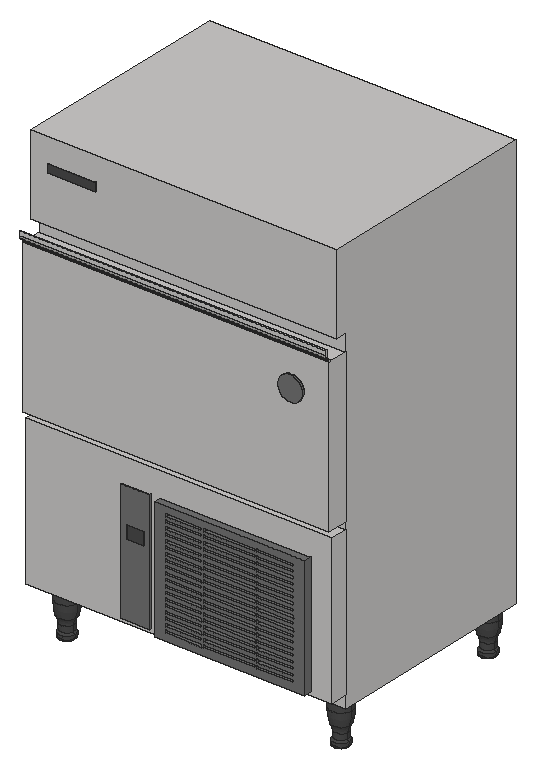
Revit family "QF_MACOM_HOSIM65NEQ-2M", category Equipamento especial, Revit 2020 (continued)
Definition of nested family "QF_LOGO_HOSHIZAKI 1"
  Forms (mm)
    Extrusion 2, solid, not visible
      sketch origin (3085.008, -419.1, 126.552) x (1, 0, 0) y (0, 0, 1)
        loop
          line (640.109, 911.847) -> (640.109, 862.748) -> (786.227, 862.748) -> (786.227, 911.847) -> (640.109, 911.847)
      from 800.1 to 801.182
    Extrusion 3, solid, not visible
      sketch origin (3085.008, -419.1, 126.552) x (1, 0, 0) y (0, 0, 1)
        loop
          line (679.163, 887.85) -> (676.019, 876.116) -> (686.765, 876.116)
          arc (686.765, 876.116) -> (689.132, 876.931) -> (690.495, 879.03) r 3.844
          arc (690.495, 879.03) -> (690.981, 880.907) -> (691.499, 882.775) r 111.081
          arc (691.499, 882.775) -> (691.758, 884.368) -> (691.499, 885.962) r 5.014
          arc (691.499, 885.962) -> (690.435, 887.369) -> (688.737, 887.85) r 2.772
          line (688.737, 887.85) -> (679.163, 887.85)
        loop
          line (683.311, 884.082) -> (681.9, 878.815) -> (683.985, 878.815)
          arc (683.985, 878.815) -> (685.344, 879.31) -> (686.067, 880.562) r 2.114
          line (686.067, 880.562) -> (686.409, 882.504)
          arc (686.409, 882.504) -> (686.179, 883.527) -> (685.288, 884.082) r 1.36
          line (685.288, 884.082) -> (683.311, 884.082)
        loop
          line (697.315, 880.397) -> (705.163, 880.397) -> (705.83, 882.373)
          arc (705.83, 882.373) -> (705.81, 884.438) -> (704.369, 885.917) r 2.775
          arc (704.369, 885.917) -> (703.131, 886.318) -> (701.837, 886.453) r 6.247
          line (701.837, 886.453) -> (697.664, 886.453)
          arc (697.664, 886.453) -> (696.133, 885.971) -> (694.779, 885.108) r 6.149
          arc (694.779, 885.108) -> (693.158, 882.996) -> (692.582, 880.397) r 6.149
          line (692.582, 880.397) -> (692.582, 877.437)
          arc (692.582, 877.437) -> (693.831, 876.188) -> (695.537, 875.731) r 3.412
          line (695.537, 875.731) -> (700.8, 875.731)
          arc (700.8, 875.731) -> (701.919, 875.863) -> (702.976, 876.252) r 4.807
          line (702.976, 876.252) -> (704.368, 879.237)
          arc (704.368, 879.237) -> (703.187, 878.73) -> (701.946, 878.396) r 8.986
          arc (701.946, 878.396) -> (699.995, 878.067) -> (698.044, 878.396) r 5.947
          arc (698.044, 878.396) -> (697.101, 879.186) -> (697.315, 880.397) r 1.229
        loop
          line (698.099, 882.153) -> (701.551, 882.153) -> (701.706, 883.03)
          arc (701.706, 883.03) -> (700.776, 883.982) -> (699.45, 884.082) r 1.885
          arc (699.45, 884.082) -> (698.436, 883.354) -> (698.099, 882.153) r 1.885
        loop
          line (709.07, 888.383) -> (705.783, 876.116) -> (710.856, 876.116) -> (714.143, 888.383) -> (709.07, 888.383)
        loop
          line (714.674, 880.397) -> (713.424, 875.731) -> (718.092, 875.731) -> (719.342, 880.397) -> (722.293, 880.397) -> (723.385, 883.631) -> (720.476, 883.631)
          arc (720.476, 883.631) -> (720.276, 884.339) -> (720.578, 885.009) r 1.075
          arc (720.578, 885.009) -> (722.147, 885.576) -> (723.803, 885.364) r 3.553
          line (723.803, 885.364) -> (724.8, 888.318)
          arc (724.8, 888.318) -> (721.29, 888.77) -> (717.78, 888.318) r 13.855
          arc (717.78, 888.318) -> (716.496, 886.966) -> (715.822, 885.227) r 4.811
          line (715.822, 885.227) -> (715.541, 883.631) -> (714.095, 883.631) -> (713.228, 880.397) -> (714.674, 880.397)
        loop
          arc (730.211, 886.398) -> (727.934, 886.087) -> (725.658, 886.398) r 8.498
          line (725.658, 886.398) -> (722.8, 875.731) -> (727.353, 875.731) -> (730.211, 886.398)
        loop
          arc (726.541, 889.303) -> (725.855, 888.282) -> (726.541, 887.26) r 1.104
          line (726.541, 887.26) -> (730.442, 887.26)
          arc (730.442, 887.26) -> (731.176, 888.158) -> (730.989, 889.303) r 1.412
          line (730.989, 889.303) -> (726.541, 889.303)
        loop
          line (735.415, 880.397) -> (743.263, 880.397) -> (743.93, 882.373)
          arc (743.93, 882.373) -> (743.91, 884.438) -> (742.469, 885.917) r 2.775
          arc (742.469, 885.917) -> (741.231, 886.318) -> (739.937, 886.453) r 6.247
          line (739.937, 886.453) -> (735.764, 886.453)
          arc (735.764, 886.453) -> (734.233, 885.971) -> (732.879, 885.108) r 6.149
          arc (732.879, 885.108) -> (731.258, 882.996) -> (730.682, 880.397) r 6.149
          line (730.682, 880.397) -> (730.682, 877.437)
          arc (730.682, 877.437) -> (731.931, 876.188) -> (733.637, 875.731) r 3.412
          line (733.637, 875.731) -> (738.9, 875.731)
          arc (738.9, 875.731) -> (740.019, 875.863) -> (741.076, 876.252) r 4.807
          line (741.076, 876.252) -> (742.468, 879.237)
          arc (742.468, 879.237) -> (741.287, 878.73) -> (740.046, 878.396) r 8.986
          arc (740.046, 878.396) -> (738.095, 878.067) -> (736.144, 878.396) r 5.947
          arc (736.144, 878.396) -> (735.201, 879.186) -> (735.415, 880.397) r 1.229
        loop
          line (736.199, 882.153) -> (739.651, 882.153) -> (739.806, 883.03)
          arc (739.806, 883.03) -> (738.876, 883.982) -> (737.55, 884.082) r 1.885
          arc (737.55, 884.082) -> (736.536, 883.354) -> (736.199, 882.153) r 1.885
        loop
          line (747.17, 888.383) -> (743.883, 876.116) -> (748.956, 876.116) -> (752.243, 888.383) -> (747.17, 888.383)
        loop
          line (761.958, 888.383) -> (760.779, 883.981)
          arc (760.779, 883.981) -> (760.596, 885.369) -> (759.486, 886.221) r 1.829
          arc (759.486, 886.221) -> (756.926, 886.445) -> (754.444, 885.78) r 7.399
          arc (754.444, 885.78) -> (752.299, 883.036) -> (751.576, 879.629) r 7.73
          line (751.576, 879.629) -> (751.576, 877.715)
          arc (751.576, 877.715) -> (752.113, 876.418) -> (753.411, 875.88) r 1.835
          line (753.411, 875.88) -> (756.548, 875.88)
          arc (756.548, 875.88) -> (757.899, 876.634) -> (759.08, 877.632) r 8.029
          line (759.08, 877.632) -> (758.674, 876.116) -> (763.517, 876.116) -> (766.804, 888.383) -> (761.958, 888.383)
        loop
          arc (758.072, 882.886) -> (756.774, 881.667) -> (756.347, 879.937) r 3.142
          arc (756.347, 879.937) -> (756.938, 878.815) -> (758.204, 878.75) r 1.281
          arc (758.204, 878.75) -> (759.496, 879.868) -> (760.104, 881.464) r 3.497
          arc (760.104, 881.464) -> (759.514, 882.782) -> (758.072, 882.886) r 1.408
        loop
          line (671.842, 895.798) -> (675.186, 895.798)
          arc (675.186, 895.798) -> (675.759, 896.828) -> (676.18, 897.93) r 8.324
          arc (676.18, 897.93) -> (676.329, 899.158) -> (675.863, 900.304) r 2.462
          arc (675.863, 900.304) -> (674.739, 901.412) -> (673.217, 901.831) r 3.127
          arc (673.217, 901.831) -> (671.616, 901.844) -> (670.015, 901.839) r 146.55
          arc (670.015, 901.839) -> (662.295, 899.902) -> (655.585, 895.623) r 24.827
          line (655.585, 895.623) -> (656.824, 895.623)
          arc (656.824, 895.623) -> (662.557, 898.998) -> (669.026, 900.553) r 22.56
          arc (669.026, 900.553) -> (670.923, 900.224) -> (672.406, 898.995) r 3.746
          arc (672.406, 898.995) -> (672.602, 897.312) -> (671.842, 895.798) r 2.956
        loop
          arc (669.395, 893.532) -> (665.373, 890.41) -> (660.649, 888.51) r 18.403
          arc (660.649, 888.51) -> (657.951, 887.877) -> (655.183, 887.994) r 10.211
          arc (655.183, 887.994) -> (653.479, 888.7) -> (652.773, 890.404) r 2.41
          arc (652.773, 890.404) -> (653.254, 892.208) -> (654.57, 893.532) r 3.619
          line (654.57, 893.532) -> (653.711, 893.762)
          arc (653.711, 893.762) -> (652.178, 891.509) -> (651.999, 888.789) r 5.19
          arc (651.999, 888.789) -> (653.147, 887.037) -> (655.186, 886.558) r 2.823
          arc (655.186, 886.558) -> (658.158, 886.436) -> (661.09, 886.933) r 14.261
          arc (661.09, 886.933) -> (667.429, 889.533) -> (672.994, 893.532) r 29.383
          line (672.994, 893.532) -> (669.395, 893.532)
      from 801.182 to 801.693
  Lines and regions (mm)
    Split face 1
      outline origin (407.985, -1.588, -1855.675) x (1, 0, 0) y (0, 0, 1)
        loop
          line (-403.435, 1860.08) -> (-400.94, 1860.08) -> (-400.94, 1863.356) -> (-397.041, 1863.356) -> (-397.041, 1860.08) -> (-394.545, 1860.08) -> (-394.545, 1868.659) -> (-397.041, 1868.659) -> (-397.041, 1865.383) -> (-400.94, 1865.383) -> (-400.94, 1868.659) -> (-403.435, 1868.659) -> (-403.435, 1860.08)
    Split face 2
      outline origin (407.985, -1.588, -1855.675) x (1, 0, 0) y (0, 0, 1)
        loop
          spline (-387.534, 1859.861) -> (-386.35, 1860.011) -> (-385.247, 1860.45) -> (-384.3, 1861.149) -> (-383.573, 1862.06) -> (-383.116, 1863.121) -> (-382.96, 1864.26) -> (-383.116, 1865.398) -> (-383.573, 1866.459) -> (-384.3, 1867.37) -> (-385.247, 1868.069) -> (-386.35, 1868.509) -> (-387.534, 1868.659)
          spline (-387.534, 1868.659) -> (-388.717, 1868.509) -> (-389.821, 1868.069) -> (-390.768, 1867.37) -> (-391.495, 1866.459) -> (-391.952, 1865.398) -> (-392.107, 1864.26) -> (-391.952, 1863.121) -> (-391.495, 1862.06) -> (-390.768, 1861.149) -> (-389.821, 1860.45) -> (-388.717, 1860.011) -> (-387.534, 1859.861)
    Split face 3
      outline origin (407.985, -1.588, -1855.675) x (1, 0, 0) y (0, 0, 1)
        loop
          spline (-387.675, 1860.426) -> (-386.939, 1860.556) -> (-386.253, 1860.939) -> (-385.664, 1861.549) -> (-385.212, 1862.343) -> (-384.928, 1863.267) -> (-384.831, 1864.26) -> (-384.928, 1865.252) -> (-385.212, 1866.177) -> (-385.664, 1866.971) -> (-386.253, 1867.58) -> (-386.939, 1867.963) -> (-387.675, 1868.094)
          spline (-387.675, 1868.094) -> (-388.411, 1867.963) -> (-389.096, 1867.58) -> (-389.685, 1866.971) -> (-390.137, 1866.177) -> (-390.421, 1865.252) -> (-390.518, 1864.26) -> (-390.421, 1863.267) -> (-390.137, 1862.343) -> (-389.685, 1861.549) -> (-389.096, 1860.939) -> (-388.411, 1860.556) -> (-387.675, 1860.426)
    Split face 4
      outline origin (407.985, -1.588, -1855.675) x (1, 0, 0) y (0, 0, 1)
        loop
          line (-372.857, 1868.659) -> (-373.719, 1868.659)
          arc (-373.719, 1868.659) -> (-378.183, 1869.275) -> (-381.268, 1865.99) r 4.908
          arc (-381.268, 1865.99) -> (-379.272, 1863.926) -> (-376.458, 1863.356) r 4.836
          arc (-376.458, 1863.356) -> (-374.82, 1863.105) -> (-374.569, 1861.467) r 1.4
          arc (-374.569, 1861.467) -> (-377.678, 1860.946) -> (-380.422, 1862.499) r 4.718
          line (-380.422, 1862.499) -> (-380.848, 1860.08) -> (-379.222, 1860.08)
          arc (-379.222, 1860.08) -> (-376.789, 1859.798) -> (-374.357, 1860.08) r 10.636
          arc (-374.357, 1860.08) -> (-372.63, 1862.259) -> (-374.357, 1864.438) r 2.238
          arc (-374.357, 1864.438) -> (-377.313, 1864.72) -> (-379.534, 1866.691) r 4.787
          arc (-379.534, 1866.691) -> (-375.989, 1868.167) -> (-372.857, 1865.946) r 3.963
          line (-372.857, 1865.946) -> (-372.857, 1868.659)
    Split face 5
      outline origin (407.985, -1.588, -1855.675) x (1, 0, 0) y (0, 0, 1)
        loop
          line (-370.597, 1860.08) -> (-368.102, 1860.08) -> (-368.102, 1863.356) -> (-364.203, 1863.356) -> (-364.203, 1860.08) -> (-361.707, 1860.08) -> (-361.707, 1868.659) -> (-364.203, 1868.659) -> (-364.203, 1865.383) -> (-368.102, 1865.383) -> (-368.102, 1868.659) -> (-370.597, 1868.659) -> (-370.597, 1860.08)
    Split face 6
      outline origin (407.985, -1.588, -1855.675) x (1, 0, 0) y (0, 0, 1)
        loop
          line (-355.357, 1860.08) -> (-355.357, 1868.659) -> (-357.853, 1868.659) -> (-357.853, 1860.08) -> (-355.357, 1860.08)
    Split face 7
      outline origin (407.985, -1.588, -1855.675) x (1, 0, 0) y (0, 0, 1)
        loop
          line (-352.268, 1865.383) -> (-350.513, 1865.383) -> (-350.513, 1868.049) -> (-346.614, 1868.049) -> (-346.614, 1867.064) -> (-352.268, 1861.41) -> (-352.268, 1860.08) -> (-343.455, 1860.08) -> (-343.455, 1863.356) -> (-345.093, 1863.356) -> (-345.093, 1861.41) -> (-349.616, 1861.41) -> (-343.455, 1867.571) -> (-343.455, 1868.659) -> (-352.268, 1868.659) -> (-352.268, 1865.383)
    Split face 8
      outline origin (407.985, -1.588, -1855.675) x (1, 0, 0) y (0, 0, 1)
        loop
          line (-341.623, 1860.195) -> (-337.662, 1860.195) -> (-339.188, 1861.007) -> (-338.543, 1862.777) -> (-335.356, 1862.777) -> (-334.588, 1861.13) -> (-335.839, 1860.08) -> (-331.172, 1860.08) -> (-335.172, 1868.659) -> (-337.123, 1868.659) -> (-341.623, 1860.195)
    Split face 9
      outline origin (407.985, -1.588, -1855.675) x (1, 0, 0) y (0, 0, 1)
        loop
          line (-338.126, 1863.924) -> (-336.002, 1863.924) -> (-337.195, 1866.482) -> (-338.126, 1863.924)
    Split face 10
      outline origin (407.985, -1.588, -1855.675) x (1, 0, 0) y (0, 0, 1)
        loop
          line (-328.95, 1868.659) -> (-328.95, 1860.08) -> (-325.943, 1860.08) -> (-327.194, 1861.571) -> (-325.691, 1863.362) -> (-322.978, 1861.085) -> (-323.867, 1860.195) -> (-319.292, 1860.195) -> (-323.944, 1864.847) -> (-320.132, 1868.659) -> (-324.619, 1868.659) -> (-323.655, 1867.51) -> (-326.84, 1864.326) -> (-326.84, 1867.632) -> (-325.813, 1868.659) -> (-328.95, 1868.659)
    Split face 11
      outline origin (407.985, -1.588, -1855.675) x (1, 0, 0) y (0, 0, 1)
        loop
          line (-314.03, 1860.08) -> (-314.03, 1868.659) -> (-316.525, 1868.659) -> (-316.525, 1860.08) -> (-314.03, 1860.08)
  Dimensions and locks
    locked: Extrusion 1 sketch curve to Extrusion 1 sketch curve at 16.794
    aligned and locked: level to plane 2
Definition of nested family "QF_Hoshizaki_Logo_minor"
  Parameters (values of type "QF_Hoshizaki_Logo_minor")
    Weight in Pounds = 0
    URL Cutsheet = ""
    Type Mark [instance] = ""
    Status [instance] = ""
    Specification by User [instance] = ""
    Specification by Manufacturer = ""
    Show Logo [instance] = yes
    Serial Number [instance] = ""
    Seismic Rating = ""
    SMACNA No = ""
    Revision Code [instance] = ""
    Omniclass Number and Title = ""
    NAFEM Spec ID Number = ""
    MasterSpec. = "11 40 00"
    Item Number [instance] = ""
    Installed By [instance] = ""
    Identify Quantity as Lot [instance] = yes
    Furnished By [instance] = ""
    Foodservice Equipment Identifier [instance] = yes
    Default Elevation = 1219.2 mm
    CSI MasterFormat = "11 40 00"
    Assembly Code = "E1090300"
  Reference planes
    plane 1: z = 0
    plane 2 "Center (Left/Right)": x = 1219.2
    plane 3 "Center (Front/Back)": y = -1219.2
    plane 4: z = 25.4
    plane 5 "L": x = 1193.8
    plane 6 "R": x = 1244.6
  Forms (mm)
    Extrusion 1, solid, visible <- "Show Logo"
      sketch origin (1267.55, -1219.2, 88.736) x (0, 0, -1) y (1, 0, 0)
        loop
          circle (63.336, -48.35) r 25.4
      from 0 to 3.175
  Lines and regions (mm)
    Split face 1
      outline origin (1267.55, -1222.375, 88.736) x (0, 0, -1) y (1, 0, 0)
        loop
          line (74.868, -35.556) -> (60.879, -36.703) -> (55.307, -45.687)
          arc (55.307, -45.687) -> (64.924, -42.365) -> (74.868, -44.516) r 18.88
          line (74.868, -44.516) -> (74.868, -35.556)
    Split face 2
      outline origin (1267.55, -1222.375, 88.736) x (0, 0, -1) y (1, 0, 0)
        loop
          line (62.494, -52.958) -> (58.526, -58.861) -> (61.435, -63.061) -> (63.114, -63.449) -> (68.567, -63.449) -> (74.493, -61.168) -> (77.47, -55.814) -> (74.868, -55.814) -> (62.494, -52.958)
    Split face 3
      outline origin (1267.55, -1222.375, 88.736) x (0, 0, -1) y (1, 0, 0)
        loop
          line (77.268, -44.516) -> (76.58, -45.539) -> (77.552, -47.223) -> (76.427, -47.872) -> (76.925, -49.166) -> (78.325, -49.489) -> (78.325, -44.516) -> (77.268, -44.516)
    Split face 4
      outline origin (1267.55, -1222.375, 88.736) x (0, 0, -1) y (1, 0, 0)
        loop
          line (77.47, -55.814) -> (70.252, -49.758) -> (72.168, -48.652) -> (71.424, -45.877) -> (70.362, -44.814) -> (65.564, -47.584) -> (60.879, -47.584) -> (56.481, -50.123) -> (55.306, -51.298) -> (55.306, -45.687) -> (51.858, -44.891) -> (50.298, -46.451) -> (49.289, -47.46) -> (49.289, -49.006) -> (50.134, -50.469) -> (52.623, -52.958) -> (56.804, -52.958) -> (62.494, -52.958)
    Split face 5
      outline origin (1267.55, -1222.375, 88.736) x (0, 0, -1) y (1, 0, 0)
        loop
          line (77.47, -55.814) -> (76.925, -49.166)
        loop
          arc (76.58, -45.539) -> (75.738, -45.005) -> (74.868, -44.516) r 18.875
    Split face 6
      outline origin (1267.55, -1222.375, 88.736) x (0, 0, -1) y (1, 0, 0)
        loop
          circle (63.336, -48.35) r 20.267
  Dimensions and locks
    aligned and locked: level to plane 1
